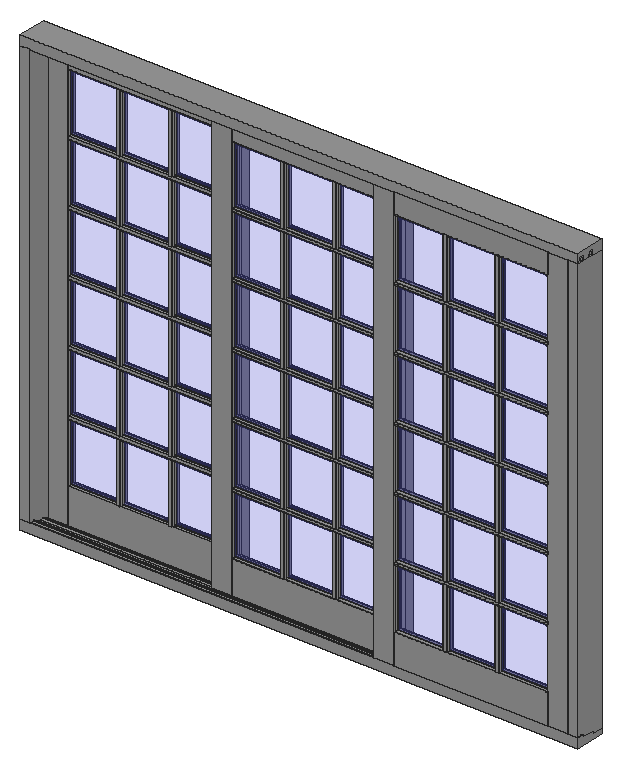
Revit family "VSD2.6SPTS LH", category Doors, host Wall, Revit 2015 (continued)
Forms (mm)
  Sweep 73, solid, material "Lauan, Meranti"
    path origin (396.395, -120, -1078.763) x (-1, 0, 0) y (0, 0, -1)
      loop
        line (279.395, -2740.763) -> (513.395, -2740.763) -> (513.395, -2456.763) -> (279.395, -2456.763) -> (279.395, -2740.763)
    profile origin (0, -120, 1662) x (0, 0, -1) y (0, -1, 0)
      loop
        line (9, -124.5) -> (0, -124.5) -> (0, -132.5)
        arc (0, -132.5) -> (4.67, -130.866) -> (7, -126.5) r 6.807
        line (7, -126.5) -> (9, -126.5) -> (9, -124.5)
  Sweep 74, solid, material "Lauan, Meranti"
    path origin (643.395, -120, -1078.763) x (-1, 0, 0) y (0, 0, -1)
      loop
        line (279.395, -2740.763) -> (513.395, -2740.763) -> (513.395, -2456.763) -> (279.395, -2456.763) -> (279.395, -2740.763)
    profile origin (247, -120, 1662) x (0, 0, -1) y (0, -1, 0)
      loop
        line (9, -124.5) -> (0, -124.5) -> (0, -132.5)
        arc (0, -132.5) -> (4.67, -130.866) -> (7, -126.5) r 6.807
        line (7, -126.5) -> (9, -126.5) -> (9, -124.5)
  Sweep 75, solid, material "Lauan, Meranti"
    path origin (149.395, -120, -1375.763) x (-1, 0, 0) y (0, 0, -1)
      loop
        line (279.395, -2740.763) -> (513.395, -2740.763) -> (513.395, -2456.763) -> (279.395, -2456.763) -> (279.395, -2740.763)
    profile origin (-247, -120, 1365) x (0, 0, -1) y (0, -1, 0)
      loop
        line (9, -124.5) -> (0, -124.5) -> (0, -132.5)
        arc (0, -132.5) -> (4.67, -130.866) -> (7, -126.5) r 6.807
        line (7, -126.5) -> (9, -126.5) -> (9, -124.5)
  Extrusion 76, solid, material "Lauan, Meranti"
    sketch origin (405, -45, -594) x (-1, 0, 0) y (0, -1, 0)
      loop
        line (522, -31) -> (522, -33)
        arc (522, -33) -> (517.33, -34.634) -> (515, -39) r 6.807
        line (515, -39) -> (513, -39) -> (513, -41) -> (522, -41) -> (522, -71) -> (535, -71) -> (535, -41) -> (544, -41) -> (544, -39) -> (542, -39)
        arc (542, -39) -> (539.67, -34.634) -> (535, -33) r 6.807
        line (535, -33) -> (535, -31) -> (522, -31)
      loop
        line (275, -31) -> (275, -33)
        arc (275, -33) -> (270.33, -34.634) -> (268, -39) r 6.807
        line (268, -39) -> (266, -39) -> (266, -41) -> (275, -41) -> (275, -71) -> (288, -71) -> (288, -41) -> (297, -41) -> (297, -39) -> (295, -39)
        arc (295, -39) -> (292.67, -34.634) -> (288, -33) r 6.807
        line (288, -33) -> (288, -31) -> (275, -31)
    from 1675 to 1959
  Sweep 77, solid, material "Lauan, Meranti"
    path origin (396.395, -120, -1375.763) x (-1, 0, 0) y (0, 0, -1)
      loop
        line (279.395, -2740.763) -> (513.395, -2740.763) -> (513.395, -2456.763) -> (279.395, -2456.763) -> (279.395, -2740.763)
    profile origin (0, -120, 1365) x (0, 0, -1) y (0, -1, 0)
      loop
        line (9, -124.5) -> (0, -124.5) -> (0, -132.5)
        arc (0, -132.5) -> (4.67, -130.866) -> (7, -126.5) r 6.807
        line (7, -126.5) -> (9, -126.5) -> (9, -124.5)
  Sweep 78, solid, material "Lauan, Meranti"
    path origin (643.395, -120, -1375.763) x (-1, 0, 0) y (0, 0, -1)
      loop
        line (279.395, -2740.763) -> (513.395, -2740.763) -> (513.395, -2456.763) -> (279.395, -2456.763) -> (279.395, -2740.763)
    profile origin (247, -120, 1365) x (0, 0, -1) y (0, -1, 0)
      loop
        line (9, -124.5) -> (0, -124.5) -> (0, -132.5)
        arc (0, -132.5) -> (4.67, -130.866) -> (7, -126.5) r 6.807
        line (7, -126.5) -> (9, -126.5) -> (9, -124.5)
  Sweep 79, solid, material "Lauan, Meranti"
    path origin (149.395, -120, -1672.763) x (-1, 0, 0) y (0, 0, -1)
      loop
        line (279.395, -2740.763) -> (513.395, -2740.763) -> (513.395, -2456.763) -> (279.395, -2456.763) -> (279.395, -2740.763)
    profile origin (-247, -120, 1068) x (0, 0, -1) y (0, -1, 0)
      loop
        line (9, -124.5) -> (0, -124.5) -> (0, -132.5)
        arc (0, -132.5) -> (4.67, -130.866) -> (7, -126.5) r 6.807
        line (7, -126.5) -> (9, -126.5) -> (9, -124.5)
  Extrusion 80, solid, material "Lauan, Meranti"
    sketch origin (405, -45, -891) x (-1, 0, 0) y (0, -1, 0)
      loop
        line (522, -31) -> (522, -33)
        arc (522, -33) -> (517.33, -34.634) -> (515, -39) r 6.807
        line (515, -39) -> (513, -39) -> (513, -41) -> (522, -41) -> (522, -71) -> (535, -71) -> (535, -41) -> (544, -41) -> (544, -39) -> (542, -39)
        arc (542, -39) -> (539.67, -34.634) -> (535, -33) r 6.807
        line (535, -33) -> (535, -31) -> (522, -31)
      loop
        line (275, -31) -> (275, -33)
        arc (275, -33) -> (270.33, -34.634) -> (268, -39) r 6.807
        line (268, -39) -> (266, -39) -> (266, -41) -> (275, -41) -> (275, -71) -> (288, -71) -> (288, -41) -> (297, -41) -> (297, -39) -> (295, -39)
        arc (295, -39) -> (292.67, -34.634) -> (288, -33) r 6.807
        line (288, -33) -> (288, -31) -> (275, -31)
    from 1675 to 1959
  Sweep 81, solid, material "Lauan, Meranti"
    path origin (396.395, -120, -1672.763) x (-1, 0, 0) y (0, 0, -1)
      loop
        line (279.395, -2740.763) -> (513.395, -2740.763) -> (513.395, -2456.763) -> (279.395, -2456.763) -> (279.395, -2740.763)
    profile origin (0, -120, 1068) x (0, 0, -1) y (0, -1, 0)
      loop
        line (9, -124.5) -> (0, -124.5) -> (0, -132.5)
        arc (0, -132.5) -> (4.67, -130.866) -> (7, -126.5) r 6.807
        line (7, -126.5) -> (9, -126.5) -> (9, -124.5)
  Sweep 82, solid, material "Lauan, Meranti"
    path origin (643.395, -120, -1672.763) x (-1, 0, 0) y (0, 0, -1)
      loop
        line (279.395, -2740.763) -> (513.395, -2740.763) -> (513.395, -2456.763) -> (279.395, -2456.763) -> (279.395, -2740.763)
    profile origin (247, -120, 1068) x (0, 0, -1) y (0, -1, 0)
      loop
        line (9, -124.5) -> (0, -124.5) -> (0, -132.5)
        arc (0, -132.5) -> (4.67, -130.866) -> (7, -126.5) r 6.807
        line (7, -126.5) -> (9, -126.5) -> (9, -124.5)
  Sweep 83, solid, material "Lauan, Meranti"
    path origin (149.395, -120, -1969.763) x (-1, 0, 0) y (0, 0, -1)
      loop
        line (279.395, -2740.763) -> (513.395, -2740.763) -> (513.395, -2456.763) -> (279.395, -2456.763) -> (279.395, -2740.763)
    profile origin (-247, -120, 771) x (0, 0, -1) y (0, -1, 0)
      loop
        line (9, -124.5) -> (0, -124.5) -> (0, -132.5)
        arc (0, -132.5) -> (4.67, -130.866) -> (7, -126.5) r 6.807
        line (7, -126.5) -> (9, -126.5) -> (9, -124.5)
  Extrusion 84, solid, material "Lauan, Meranti"
    sketch origin (405, -45, -1188) x (-1, 0, 0) y (0, -1, 0)
      loop
        line (522, -31) -> (522, -33)
        arc (522, -33) -> (517.33, -34.634) -> (515, -39) r 6.807
        line (515, -39) -> (513, -39) -> (513, -41) -> (522, -41) -> (522, -71) -> (535, -71) -> (535, -41) -> (544, -41) -> (544, -39) -> (542, -39)
        arc (542, -39) -> (539.67, -34.634) -> (535, -33) r 6.807
        line (535, -33) -> (535, -31) -> (522, -31)
      loop
        line (275, -31) -> (275, -33)
        arc (275, -33) -> (270.33, -34.634) -> (268, -39) r 6.807
        line (268, -39) -> (266, -39) -> (266, -41) -> (275, -41) -> (275, -71) -> (288, -71) -> (288, -41) -> (297, -41) -> (297, -39) -> (295, -39)
        arc (295, -39) -> (292.67, -34.634) -> (288, -33) r 6.807
        line (288, -33) -> (288, -31) -> (275, -31)
    from 1675 to 1959
  Sweep 85, solid, material "Lauan, Meranti"
    path origin (396.395, -120, -1969.763) x (-1, 0, 0) y (0, 0, -1)
      loop
        line (279.395, -2740.763) -> (513.395, -2740.763) -> (513.395, -2456.763) -> (279.395, -2456.763) -> (279.395, -2740.763)
    profile origin (0, -120, 771) x (0, 0, -1) y (0, -1, 0)
      loop
        line (9, -124.5) -> (0, -124.5) -> (0, -132.5)
        arc (0, -132.5) -> (4.67, -130.866) -> (7, -126.5) r 6.807
        line (7, -126.5) -> (9, -126.5) -> (9, -124.5)
  Sweep 86, solid, material "Lauan, Meranti"
    path origin (643.395, -120, -1969.763) x (-1, 0, 0) y (0, 0, -1)
      loop
        line (279.395, -2740.763) -> (513.395, -2740.763) -> (513.395, -2456.763) -> (279.395, -2456.763) -> (279.395, -2740.763)
    profile origin (247, -120, 771) x (0, 0, -1) y (0, -1, 0)
      loop
        line (9, -124.5) -> (0, -124.5) -> (0, -132.5)
        arc (0, -132.5) -> (4.67, -130.866) -> (7, -126.5) r 6.807
        line (7, -126.5) -> (9, -126.5) -> (9, -124.5)
  Sweep 87, solid, material "Lauan, Meranti"
    path origin (149.395, -120, -2266.763) x (-1, 0, 0) y (0, 0, -1)
      loop
        line (279.395, -2740.763) -> (513.395, -2740.763) -> (513.395, -2456.763) -> (279.395, -2456.763) -> (279.395, -2740.763)
    profile origin (-247, -120, 474) x (0, 0, -1) y (0, -1, 0)
      loop
        line (9, -124.5) -> (0, -124.5) -> (0, -132.5)
        arc (0, -132.5) -> (4.67, -130.866) -> (7, -126.5) r 6.807
        line (7, -126.5) -> (9, -126.5) -> (9, -124.5)
  Extrusion 88, solid, material "Lauan, Meranti"
    sketch origin (405, -45, -1485) x (-1, 0, 0) y (0, -1, 0)
      loop
        line (522, -31) -> (522, -33)
        arc (522, -33) -> (517.33, -34.634) -> (515, -39) r 6.807
        line (515, -39) -> (513, -39) -> (513, -41) -> (522, -41) -> (522, -71) -> (535, -71) -> (535, -41) -> (544, -41) -> (544, -39) -> (542, -39)
        arc (542, -39) -> (539.67, -34.634) -> (535, -33) r 6.807
        line (535, -33) -> (535, -31) -> (522, -31)
      loop
        line (275, -31) -> (275, -33)
        arc (275, -33) -> (270.33, -34.634) -> (268, -39) r 6.807
        line (268, -39) -> (266, -39) -> (266, -41) -> (275, -41) -> (275, -71) -> (288, -71) -> (288, -41) -> (297, -41) -> (297, -39) -> (295, -39)
        arc (295, -39) -> (292.67, -34.634) -> (288, -33) r 6.807
        line (288, -33) -> (288, -31) -> (275, -31)
    from 1675 to 1959
  Sweep 89, solid, material "Lauan, Meranti"
    path origin (396.395, -120, -2266.763) x (-1, 0, 0) y (0, 0, -1)
      loop
        line (279.395, -2740.763) -> (513.395, -2740.763) -> (513.395, -2456.763) -> (279.395, -2456.763) -> (279.395, -2740.763)
    profile origin (0, -120, 474) x (0, 0, -1) y (0, -1, 0)
      loop
        line (9, -124.5) -> (0, -124.5) -> (0, -132.5)
        arc (0, -132.5) -> (4.67, -130.866) -> (7, -126.5) r 6.807
        line (7, -126.5) -> (9, -126.5) -> (9, -124.5)
  Sweep 90, solid, material "Lauan, Meranti"
    path origin (643.395, -120, -2266.763) x (-1, 0, 0) y (0, 0, -1)
      loop
        line (279.395, -2740.763) -> (513.395, -2740.763) -> (513.395, -2456.763) -> (279.395, -2456.763) -> (279.395, -2740.763)
    profile origin (247, -120, 474) x (0, 0, -1) y (0, -1, 0)
      loop
        line (9, -124.5) -> (0, -124.5) -> (0, -132.5)
        arc (0, -132.5) -> (4.67, -130.866) -> (7, -126.5) r 6.807
        line (7, -126.5) -> (9, -126.5) -> (9, -124.5)
Cuts and joins
  joined: Extrusion 3, Extrusion 4, Extrusion 6
Lines and regions (mm)
  Opening 1
    outline origin (-5000, 75, 0) x (-1, 0, 0) y (0, 0, 1)
      loop
        line (-6320, 0) -> (-3680, 0) -> (-3680, 2100) -> (-6320, 2100) -> (-6320, 0)
  model lines
    curve 1: line (255.153, 99.5, 925) -> (-85.77, 99.5, 925)
    curve 2: line (-224.847, 99.5, 925) -> (-85.77, 99.5, 981.191)
    curve 3: line (-85.77, 99.5, 981.191) -> (-85.77, 99.5, 868.809)
    curve 4: line (-224.847, 99.5, 925) -> (-85.77, 99.5, 868.809)
    curve 5: line (1070.153, 99.5, 925) -> (729.23, 99.5, 925)
    curve 6: line (590.153, 99.5, 925) -> (729.23, 99.5, 981.191)
    curve 7: line (729.23, 99.5, 981.191) -> (729.23, 99.5, 868.809)
    curve 8: line (590.153, 99.5, 925) -> (729.23, 99.5, 868.809)
Text (mm)
  text "Exterior" at (-2295.016, 1099.543, 0), in view "Ref. Level"
  text "Exterior" at (0, 1615.38, 3698.081), in view "Left"
  text "Exterior" at (0, 1036.032, 3874.932), in view "Right"
Dimensions and locks
  equal spacing: plane 3 "Left", plane 2 "Center (Left/Right)", plane 4 "Right"
  "Width": plane 3 "Left" to plane 4 "Right"
  "Height": plane 5 to host wall
  host wall to plane 5 = 2100 mm  (x2)
  locked: plane 6 "Exterior" to host wall at 0
  locked: plane 7 "Interior" to host wall
  plane 3 "Left" to plane 4 "Right" = 2640 mm
  aligned and locked: plane 1 to host wall
  aligned and locked: Opening 1 sketch curve to level
  aligned and locked: Sweep 14 sketch curve to Extrusion 13
  aligned and locked: Extrusion 13 to Extrusion 16  (x2)
  aligned and locked: Extrusion 9 to Extrusion 13
  aligned and locked: Sweep 40 sketch curve to Extrusion 39
  aligned and locked: Extrusion 39 to Extrusion 42  (x2)
  aligned and locked: Extrusion 8 to Extrusion 39
  aligned and locked: Sweep 66 sketch curve to Extrusion 65
  aligned and locked: Extrusion 65 to Extrusion 68  (x2)
  aligned and locked: Extrusion 10 to Extrusion 65
Automatic sketch dimensions
  curve 2 to plane 2 "Center (Left/Right)" = 224.847 mm
  curve 2 to plane 2 "Center (Left/Right)" = 85.77 mm
  plane 2 "Center (Left/Right)" to curve 6 = 590.153 mm
  curve 6 to curve 6 = 139.078 mm
  level to curve 4 = 868.809 mm
  curve 7 to curve 4 = 0 mm
  curve 7 to curve 8 = 56.191 mm
  curve 3 to curve 4 = 56.191 mm
  curve 3 to curve 3 = 112.382 mm
  curve 7 to curve 7 = 112.382 mm
  plane 2 "Center (Left/Right)" to curve 1 = 255.153 mm
  plane 4 "Right" to curve 5 = 249.847 mm
  curve 1 to curve 2 = 56.191 mm
  curve 7 to curve 5 = 56.191 mm
  plane 4 "Right" to Opening 1 sketch curve = 0 mm
  plane 3 "Left" to Opening 1 sketch curve = 0 mm
  Opening 1 sketch curve to plane 5 = 0 mm
  Extrusion 1 sketch curve to level = 0 mm
  Extrusion 1 sketch curve to host wall = 5 mm  (x2)
  Extrusion 1 sketch curve to Extrusion 1 sketch curve = 8 mm
  Extrusion 1 sketch curve to Extrusion 1 sketch curve = 24 mm
  host wall to Extrusion 1 sketch curve = 6 mm
  Extrusion 1 sketch curve to host wall = 18 mm
  level to Extrusion 1 sketch curve = 21 mm
  Extrusion 1 sketch curve to Extrusion 1 sketch curve = 11 mm  (x2)
  Extrusion 1 sketch curve to Extrusion 1 sketch curve = 1 mm  (x2)
  plane 5 to Extrusion 2 sketch curve = 0 mm
  Extrusion 2 sketch curve to host wall = 5 mm  (x2)
  Extrusion 2 sketch curve to Extrusion 2 sketch curve = 9 mm
  Extrusion 2 sketch curve to Extrusion 2 sketch curve = 22 mm
  host wall to Extrusion 2 sketch curve = 5 mm
  Extrusion 2 sketch curve to host wall = 17 mm
  plane 5 to Extrusion 2 sketch curve = 25 mm  (x2)
  Extrusion 2 sketch curve to Extrusion 2 sketch curve = 20 mm  (x3)
  Extrusion 3 sketch curve to plane 4 "Right" = 0 mm
  Extrusion 3 sketch curve to plane 3 "Left" = 0 mm
  Extrusion 3 sketch curve to plane 4 "Right" = 43 mm
  host wall to Extrusion 3 sketch curve = 5 mm  (x4)
  Extrusion 3 sketch curve to Extrusion 3 sketch curve = 45 mm
  plane 3 "Left" to Extrusion 3 sketch curve = 45 mm
  Extrusion 3 sketch curve to Extrusion 3 sketch curve = 2 mm
  host wall to Extrusion 3 sketch curve = 25 mm  (x2)
  Extrusion 4 sketch curve to plane 4 "Right" = 0 mm
  Extrusion 4 sketch curve to plane 3 "Left" = 0 mm
  Extrusion 4 sketch curve to plane 4 "Right" = 43 mm
  Extrusion 4 sketch curve to Extrusion 4 sketch curve = 2 mm  (x2)
  plane 3 "Left" to Extrusion 4 sketch curve = 45 mm
  host wall to Extrusion 4 sketch curve = 5 mm  (x2)
  host wall to Extrusion 4 sketch curve = 25 mm
  Extrusion 4 sketch curve to Extrusion 4 sketch curve = 20 mm
  host wall to Extrusion 4 sketch curve = 37 mm  (x2)
  Extrusion 5 sketch curve to host wall = 13 mm
  Extrusion 5 sketch curve to Extrusion 5 sketch curve = 11 mm  (x2)
  Extrusion 5 sketch curve to Extrusion 5 sketch curve = 1 mm  (x3)
  level to Extrusion 5 sketch curve = 48 mm
  Extrusion 5 sketch curve to Extrusion 5 sketch curve = 1.118 mm
  Extrusion 5 sketch curve to Extrusion 5 sketch curve = 1.882 mm  (x2)
  Extrusion 6 sketch curve to plane 4 "Right" = 0 mm
  Extrusion 6 sketch curve to plane 3 "Left" = 0 mm
  host wall to Extrusion 6 sketch curve = 5 mm  (x2)
  Extrusion 6 sketch curve to Extrusion 6 sketch curve = 43 mm
  Extrusion 6 sketch curve to Extrusion 6 sketch curve = 2 mm  (x2)
  host wall to Extrusion 6 sketch curve = 18 mm  (x2)
  plane 3 "Left" to Extrusion 6 sketch curve = 45 mm
  Extrusion 6 sketch curve to Extrusion 6 sketch curve = 20 mm
  host wall to Extrusion 6 sketch curve = 25 mm
  host wall to Extrusion 7 sketch curve = 6 mm
  Extrusion 7 sketch curve to host wall = 5 mm
  Extrusion 7 sketch curve to Extrusion 7 sketch curve = 1 mm  (x3)
  Extrusion 7 sketch curve to Extrusion 7 sketch curve = 11 mm
  level to Extrusion 7 sketch curve = 36 mm
  Extrusion 7 sketch curve to Extrusion 7 sketch curve = 1.118 mm
  Extrusion 7 sketch curve to Extrusion 7 sketch curve = 1.882 mm  (x2)
  Extrusion 8 sketch curve to plane 8 = 0 mm
  Extrusion 8 sketch curve to plane 9 = 0 mm
  Extrusion 8 sketch curve to plane 12 = 0 mm
  Extrusion 8 sketch curve to plane 13 = 0 mm
  Extrusion 8 sketch curve to plane 9 = 9 mm  (x2)
  Extrusion 8 sketch curve to Extrusion 8 sketch curve = 0.473 mm  (x3)
  Extrusion 8 sketch curve to Extrusion 8 sketch curve = 2 mm  (x5)
  Extrusion 8 sketch curve to Extrusion 8 sketch curve = 6.527 mm
  host wall to Extrusion 8 sketch curve = 5 mm  (x2)
  Extrusion 8 sketch curve to Extrusion 8 sketch curve = 6 mm  (x2)
  Extrusion 8 sketch curve to Extrusion 8 sketch curve = 1.468 mm
  Extrusion 8 sketch curve to host wall = 30 mm  (x2)
  Extrusion 9 sketch curve to plane 16 = 0 mm
  Extrusion 9 sketch curve to plane 17 = 0 mm
  Extrusion 9 sketch curve to plane 20 = 0 mm
  Extrusion 9 sketch curve to plane 21 = 0 mm
  plane 17 to Extrusion 9 sketch curve = 9 mm  (x2)
  Extrusion 9 sketch curve to host wall = 1 mm  (x2)
  Extrusion 9 sketch curve to Extrusion 9 sketch curve = 0.473 mm  (x3)
  Extrusion 9 sketch curve to Extrusion 9 sketch curve = 2 mm  (x4)
  Extrusion 9 sketch curve to Extrusion 9 sketch curve = 6.527 mm
  Extrusion 9 sketch curve to host wall = 31 mm
  Extrusion 9 sketch curve to Extrusion 9 sketch curve = 30 mm
  Extrusion 9 sketch curve to Extrusion 9 sketch curve = 1.468 mm  (x2)
  Extrusion 9 sketch curve to host wall = 34 mm  (x2)
  Extrusion 10 sketch curve to plane 24 = 0 mm
  Extrusion 10 sketch curve to plane 25 = 0 mm
  Extrusion 10 sketch curve to plane 28 = 0 mm
  Extrusion 10 sketch curve to plane 29 = 0 mm
  plane 25 to Extrusion 10 sketch curve = 9 mm  (x2)
  Extrusion 10 sketch curve to Extrusion 10 sketch curve = 0.473 mm  (x3)
  Extrusion 10 sketch curve to Extrusion 10 sketch curve = 2 mm  (x4)
  host wall to Extrusion 10 sketch curve = 5.468 mm  (x2)
  Extrusion 10 sketch curve to Extrusion 10 sketch curve = 6.527 mm
  host wall to Extrusion 10 sketch curve = 4 mm
  Extrusion 10 sketch curve to Extrusion 10 sketch curve = 1.468 mm
  Extrusion 10 sketch curve to host wall = 26 mm  (x2)
  host wall to Extrusion 10 sketch curve = 14 mm  (x2)
  host wall to Extrusion 11 sketch curve = 4.5 mm
  host wall to Extrusion 11 sketch curve = 2.3 mm
  Extrusion 11 sketch curve to host wall = 14.3 mm
  Extrusion 11 sketch curve to Extrusion 11 sketch curve = 2.2 mm  (x2)
  plane 5 to Extrusion 11 sketch curve = 25 mm
  Extrusion 11 sketch curve to Extrusion 11 sketch curve = 17.8 mm  (x2)
  Extrusion 12 sketch curve to host wall = 14.5 mm
  Extrusion 12 sketch curve to Extrusion 12 sketch curve = 2.2 mm  (x3)
  Extrusion 12 sketch curve to Extrusion 12 sketch curve = 16.6 mm
  plane 5 to Extrusion 12 sketch curve = 25 mm
  Extrusion 12 sketch curve to Extrusion 12 sketch curve = 17.8 mm  (x2)
  Extrusion 13 sketch curve to host wall = 34 mm  (x7)
  Extrusion 13 sketch curve to Extrusion 13 sketch curve = 2 mm  (x28)
  Extrusion 13 sketch curve to Extrusion 13 sketch curve = 6 mm  (x12)
  Extrusion 13 sketch curve to Extrusion 13 sketch curve = 0.803 mm  (x9)
  Extrusion 13 sketch curve to Extrusion 13 sketch curve = 6.803 mm  (x3)
  Extrusion 13 sketch curve to Extrusion 13 sketch curve = 1.197 mm  (x8)
  Extrusion 13 sketch curve to host wall = 1 mm  (x7)
  plane 5 to Extrusion 13 sketch curve = 45 mm
  Extrusion 13 sketch curve to Extrusion 13 sketch curve = 96 mm
  Extrusion 13 sketch curve to Extrusion 13 sketch curve = 0 mm  (x6)
  Extrusion 13 sketch curve to Extrusion 13 sketch curve = 0.241 mm  (x12)
  Extrusion 13 sketch curve to Extrusion 13 sketch curve = 266 mm  (x5)
  Extrusion 13 sketch curve to Extrusion 13 sketch curve = 6.759 mm  (x6)
  Extrusion 13 sketch curve to Extrusion 13 sketch curve = 13 mm  (x5)
  level to Extrusion 13 sketch curve = 199 mm
  level to Extrusion 13 sketch curve = 21 mm
  Sweep 14 sketch curve to plane 3 "Left" = 375 mm
  Sweep 14 sketch curve to plane 3 "Left" = 141 mm
  Sweep 14 sketch curve to Sweep 14 sketch curve = 284 mm
  Sweep 14 sketch curve to profile plane = 0 mm
  Sweep 14 sketch curve to profile plane = 0.241 mm
  Sweep 14 sketch curve to Sweep 14 sketch curve = 6.759 mm
  Sweep 14 sketch curve to Sweep 14 sketch curve = 2 mm  (x2)
  Sweep 14 sketch curve to profile plane = 132.5 mm
  Sweep 14 sketch curve to Sweep 14 sketch curve = 6 mm
  Extrusion 15 sketch curve to plane 2 "Center (Left/Right)" = 451 mm  (x2)
  Extrusion 15 sketch curve to Extrusion 15 sketch curve = 0 mm  (x23)
  Extrusion 15 sketch curve to Extrusion 15 sketch curve = 0.01 mm  (x6)
  Extrusion 15 sketch curve to Extrusion 15 sketch curve = 233.99 mm  (x4)
  Extrusion 15 sketch curve to Extrusion 15 sketch curve = 234 mm  (x3)
  Extrusion 15 sketch curve to Extrusion 15 sketch curve = 13 mm  (x15)
  Extrusion 15 sketch curve to Extrusion 15 sketch curve = 13.01 mm  (x3)
  Extrusion 15 sketch curve to plane 3 "Left" = 141 mm  (x4)
  plane 5 to Extrusion 15 sketch curve = 141 mm  (x2)
  Extrusion 15 sketch curve to Extrusion 15 sketch curve = 284 mm  (x3)
  Extrusion 15 sketch curve to Extrusion 15 sketch curve = 283.988 mm  (x2)
  Extrusion 15 sketch curve to Extrusion 15 sketch curve = 13.012 mm  (x4)
  level to Extrusion 15 sketch curve = 190.012 mm
  Extrusion 16 sketch curve to host wall = 33 mm  (x2)
  Extrusion 16 sketch curve to plane 3 "Left" = 644 mm
  Extrusion 16 sketch curve to Extrusion 16 sketch curve = 2 mm  (x10)
  Extrusion 16 sketch curve to Extrusion 16 sketch curve = 6.759 mm  (x4)
  Extrusion 16 sketch curve to Extrusion 16 sketch curve = 0.241 mm  (x6)
  Extrusion 16 sketch curve to host wall = 1 mm  (x2)
  Extrusion 16 sketch curve to Extrusion 16 sketch curve = 13 mm  (x2)
  Extrusion 16 sketch curve to Extrusion 16 sketch curve = 0 mm  (x4)
  Extrusion 16 sketch curve to Extrusion 16 sketch curve = 216 mm
  Extrusion 16 sketch curve to Extrusion 16 sketch curve = 1.197 mm  (x4)
  Sweep 17 sketch curve to plane 3 "Left" = 622 mm
  Sweep 17 sketch curve to Sweep 17 sketch curve = 234 mm
  plane 5 to Sweep 17 sketch curve = 141 mm
  Sweep 17 sketch curve to Sweep 17 sketch curve = 284 mm
  Sweep 17 sketch curve to profile plane = 0 mm
  Sweep 17 sketch curve to profile plane = 0.241 mm
  Sweep 17 sketch curve to Sweep 17 sketch curve = 6.759 mm
  Sweep 17 sketch curve to Sweep 17 sketch curve = 2 mm  (x2)
  Sweep 17 sketch curve to profile plane = 132.5 mm
  Sweep 17 sketch curve to Sweep 17 sketch curve = 6 mm
  Sweep 18 sketch curve to plane 2 "Center (Left/Right)" = 451 mm
  Sweep 18 sketch curve to Sweep 18 sketch curve = 234 mm
  plane 5 to Sweep 18 sketch curve = 141 mm
  Sweep 18 sketch curve to Sweep 18 sketch curve = 284 mm
  Sweep 18 sketch curve to profile plane = 0 mm
  Sweep 18 sketch curve to profile plane = 0.241 mm
  Sweep 18 sketch curve to Sweep 18 sketch curve = 6.759 mm
  Sweep 18 sketch curve to Sweep 18 sketch curve = 2 mm  (x2)
  Sweep 18 sketch curve to profile plane = 132.5 mm
  Sweep 18 sketch curve to Sweep 18 sketch curve = 6 mm
  Sweep 19 sketch curve to plane 3 "Left" = 375 mm
  Sweep 19 sketch curve to plane 3 "Left" = 141 mm
  plane 5 to Sweep 19 sketch curve = 438 mm
  Sweep 19 sketch curve to Sweep 19 sketch curve = 284 mm
  Sweep 19 sketch curve to profile plane = 0 mm
  Sweep 19 sketch curve to profile plane = 0.241 mm
  Sweep 19 sketch curve to Sweep 19 sketch curve = 6.759 mm
  Sweep 19 sketch curve to Sweep 19 sketch curve = 2 mm  (x2)
  Sweep 19 sketch curve to profile plane = 132.5 mm
  Sweep 19 sketch curve to Sweep 19 sketch curve = 6 mm
  Extrusion 20 sketch curve to host wall = 33 mm  (x2)
  Extrusion 20 sketch curve to plane 3 "Left" = 644 mm
  Extrusion 20 sketch curve to Extrusion 20 sketch curve = 2 mm  (x10)
  Extrusion 20 sketch curve to Extrusion 20 sketch curve = 6.759 mm  (x4)
  Extrusion 20 sketch curve to Extrusion 20 sketch curve = 0.241 mm  (x6)
  Extrusion 20 sketch curve to host wall = 1 mm  (x2)
  Extrusion 20 sketch curve to Extrusion 20 sketch curve = 13 mm  (x2)
  Extrusion 20 sketch curve to Extrusion 20 sketch curve = 0 mm  (x4)
  Extrusion 20 sketch curve to Extrusion 20 sketch curve = 216 mm
  Extrusion 20 sketch curve to Extrusion 20 sketch curve = 1.197 mm  (x4)
  Sweep 21 sketch curve to plane 3 "Left" = 622 mm
  Sweep 21 sketch curve to Sweep 21 sketch curve = 234 mm
  plane 5 to Sweep 21 sketch curve = 438 mm
  Sweep 21 sketch curve to Sweep 21 sketch curve = 284 mm
  Sweep 21 sketch curve to profile plane = 0 mm
  Sweep 21 sketch curve to profile plane = 0.241 mm
  Sweep 21 sketch curve to Sweep 21 sketch curve = 6.759 mm
  Sweep 21 sketch curve to Sweep 21 sketch curve = 2 mm  (x2)
  Sweep 21 sketch curve to profile plane = 132.5 mm
  Sweep 21 sketch curve to Sweep 21 sketch curve = 6 mm
  Sweep 22 sketch curve to plane 2 "Center (Left/Right)" = 451 mm
  Sweep 22 sketch curve to Sweep 22 sketch curve = 234 mm
  plane 5 to Sweep 22 sketch curve = 438 mm
  Sweep 22 sketch curve to Sweep 22 sketch curve = 284 mm
  Sweep 22 sketch curve to profile plane = 0 mm
  Sweep 22 sketch curve to profile plane = 0.241 mm
  Sweep 22 sketch curve to Sweep 22 sketch curve = 6.759 mm
  Sweep 22 sketch curve to Sweep 22 sketch curve = 2 mm  (x2)
  Sweep 22 sketch curve to profile plane = 132.5 mm
  Sweep 22 sketch curve to Sweep 22 sketch curve = 6 mm
  Sweep 23 sketch curve to plane 3 "Left" = 375 mm
  Sweep 23 sketch curve to plane 3 "Left" = 141 mm
  plane 5 to Sweep 23 sketch curve = 735 mm
  Sweep 23 sketch curve to Sweep 23 sketch curve = 284 mm
  Sweep 23 sketch curve to profile plane = 0 mm
  Sweep 23 sketch curve to profile plane = 0.241 mm
  Sweep 23 sketch curve to Sweep 23 sketch curve = 6.759 mm
  Sweep 23 sketch curve to Sweep 23 sketch curve = 2 mm  (x2)
  Sweep 23 sketch curve to profile plane = 132.5 mm
  Sweep 23 sketch curve to Sweep 23 sketch curve = 6 mm
  Extrusion 24 sketch curve to host wall = 33 mm  (x2)
  Extrusion 24 sketch curve to plane 3 "Left" = 644 mm
  Extrusion 24 sketch curve to Extrusion 24 sketch curve = 2 mm  (x10)
  Extrusion 24 sketch curve to Extrusion 24 sketch curve = 6.759 mm  (x4)
  Extrusion 24 sketch curve to Extrusion 24 sketch curve = 0.241 mm  (x6)
  Extrusion 24 sketch curve to host wall = 1 mm  (x2)
  Extrusion 24 sketch curve to Extrusion 24 sketch curve = 13 mm  (x2)
  Extrusion 24 sketch curve to Extrusion 24 sketch curve = 0 mm  (x4)
  Extrusion 24 sketch curve to Extrusion 24 sketch curve = 216 mm
  Extrusion 24 sketch curve to Extrusion 24 sketch curve = 1.197 mm  (x4)
  Sweep 25 sketch curve to plane 3 "Left" = 622 mm
  Sweep 25 sketch curve to Sweep 25 sketch curve = 234 mm
  plane 5 to Sweep 25 sketch curve = 735 mm
  Sweep 25 sketch curve to Sweep 25 sketch curve = 284 mm
  Sweep 25 sketch curve to profile plane = 0 mm
  Sweep 25 sketch curve to profile plane = 0.241 mm
  Sweep 25 sketch curve to Sweep 25 sketch curve = 6.759 mm
  Sweep 25 sketch curve to Sweep 25 sketch curve = 2 mm  (x2)
  Sweep 25 sketch curve to profile plane = 132.5 mm
  Sweep 25 sketch curve to Sweep 25 sketch curve = 6 mm
  Sweep 26 sketch curve to plane 2 "Center (Left/Right)" = 451 mm
  Sweep 26 sketch curve to Sweep 26 sketch curve = 234 mm
  plane 5 to Sweep 26 sketch curve = 735 mm
  Sweep 26 sketch curve to Sweep 26 sketch curve = 284 mm
  Sweep 26 sketch curve to profile plane = 0 mm
  Sweep 26 sketch curve to profile plane = 0.241 mm
  Sweep 26 sketch curve to Sweep 26 sketch curve = 6.759 mm
  Sweep 26 sketch curve to Sweep 26 sketch curve = 2 mm  (x2)
  Sweep 26 sketch curve to profile plane = 132.5 mm
  Sweep 26 sketch curve to Sweep 26 sketch curve = 6 mm
  Sweep 27 sketch curve to plane 3 "Left" = 375 mm
  Sweep 27 sketch curve to plane 3 "Left" = 141 mm
  plane 5 to Sweep 27 sketch curve = 1032 mm
  Sweep 27 sketch curve to Sweep 27 sketch curve = 284 mm
  Sweep 27 sketch curve to profile plane = 0 mm
  Sweep 27 sketch curve to profile plane = 0.241 mm
  Sweep 27 sketch curve to Sweep 27 sketch curve = 6.759 mm
  Sweep 27 sketch curve to Sweep 27 sketch curve = 2 mm  (x2)
  Sweep 27 sketch curve to profile plane = 132.5 mm
  Sweep 27 sketch curve to Sweep 27 sketch curve = 6 mm
  Extrusion 28 sketch curve to host wall = 33 mm  (x2)
  Extrusion 28 sketch curve to plane 3 "Left" = 644 mm
  Extrusion 28 sketch curve to Extrusion 28 sketch curve = 2 mm  (x10)
  Extrusion 28 sketch curve to Extrusion 28 sketch curve = 6.759 mm  (x4)
  Extrusion 28 sketch curve to Extrusion 28 sketch curve = 0.241 mm  (x6)
  Extrusion 28 sketch curve to host wall = 1 mm  (x2)
  Extrusion 28 sketch curve to Extrusion 28 sketch curve = 13 mm  (x2)
  Extrusion 28 sketch curve to Extrusion 28 sketch curve = 0 mm  (x4)
  Extrusion 28 sketch curve to Extrusion 28 sketch curve = 216 mm
  Extrusion 28 sketch curve to Extrusion 28 sketch curve = 1.197 mm  (x4)
  Sweep 29 sketch curve to plane 3 "Left" = 622 mm
  Sweep 29 sketch curve to Sweep 29 sketch curve = 234 mm
  plane 5 to Sweep 29 sketch curve = 1032 mm
  Sweep 29 sketch curve to Sweep 29 sketch curve = 284 mm
  Sweep 29 sketch curve to profile plane = 0 mm
  Sweep 29 sketch curve to profile plane = 0.241 mm
  Sweep 29 sketch curve to Sweep 29 sketch curve = 6.759 mm
  Sweep 29 sketch curve to Sweep 29 sketch curve = 2 mm  (x2)
  Sweep 29 sketch curve to profile plane = 132.5 mm
  Sweep 29 sketch curve to Sweep 29 sketch curve = 6 mm
  Sweep 30 sketch curve to plane 2 "Center (Left/Right)" = 451 mm
  Sweep 30 sketch curve to Sweep 30 sketch curve = 234 mm
  plane 5 to Sweep 30 sketch curve = 1032 mm
  Sweep 30 sketch curve to Sweep 30 sketch curve = 284 mm
  Sweep 30 sketch curve to profile plane = 0 mm
  Sweep 30 sketch curve to profile plane = 0.241 mm
  Sweep 30 sketch curve to Sweep 30 sketch curve = 6.759 mm
  Sweep 30 sketch curve to Sweep 30 sketch curve = 2 mm  (x2)
  Sweep 30 sketch curve to profile plane = 132.5 mm
  Sweep 30 sketch curve to Sweep 30 sketch curve = 6 mm
  Sweep 31 sketch curve to plane 3 "Left" = 375 mm
  Sweep 31 sketch curve to plane 3 "Left" = 141 mm
  level to Sweep 31 sketch curve = 771 mm
  Sweep 31 sketch curve to Sweep 31 sketch curve = 284 mm
  Sweep 31 sketch curve to profile plane = 0 mm
  Sweep 31 sketch curve to profile plane = 0.241 mm
  Sweep 31 sketch curve to Sweep 31 sketch curve = 6.759 mm
  Sweep 31 sketch curve to Sweep 31 sketch curve = 2 mm  (x2)
  Sweep 31 sketch curve to profile plane = 132.5 mm
  Sweep 31 sketch curve to Sweep 31 sketch curve = 6 mm
  Extrusion 32 sketch curve to host wall = 33 mm  (x2)
  Extrusion 32 sketch curve to plane 3 "Left" = 644 mm
  Extrusion 32 sketch curve to Extrusion 32 sketch curve = 2 mm  (x10)
  Extrusion 32 sketch curve to Extrusion 32 sketch curve = 6.759 mm  (x4)
  Extrusion 32 sketch curve to Extrusion 32 sketch curve = 0.241 mm  (x6)
  Extrusion 32 sketch curve to host wall = 1 mm  (x2)
  Extrusion 32 sketch curve to Extrusion 32 sketch curve = 13 mm  (x2)
  Extrusion 32 sketch curve to Extrusion 32 sketch curve = 0 mm  (x4)
  Extrusion 32 sketch curve to Extrusion 32 sketch curve = 216 mm
  Extrusion 32 sketch curve to Extrusion 32 sketch curve = 1.197 mm  (x4)
  Sweep 33 sketch curve to plane 3 "Left" = 622 mm
  Sweep 33 sketch curve to Sweep 33 sketch curve = 234 mm
  level to Sweep 33 sketch curve = 771 mm
  Sweep 33 sketch curve to Sweep 33 sketch curve = 284 mm
  Sweep 33 sketch curve to profile plane = 0 mm
  Sweep 33 sketch curve to profile plane = 0.241 mm
  Sweep 33 sketch curve to Sweep 33 sketch curve = 6.759 mm
  Sweep 33 sketch curve to Sweep 33 sketch curve = 2 mm  (x2)
  Sweep 33 sketch curve to profile plane = 132.5 mm
  Sweep 33 sketch curve to Sweep 33 sketch curve = 6 mm
  Sweep 34 sketch curve to plane 2 "Center (Left/Right)" = 451 mm
  Sweep 34 sketch curve to Sweep 34 sketch curve = 234 mm
  level to Sweep 34 sketch curve = 771 mm
  Sweep 34 sketch curve to Sweep 34 sketch curve = 284 mm
  Sweep 34 sketch curve to profile plane = 0 mm
  Sweep 34 sketch curve to profile plane = 0.241 mm
  Sweep 34 sketch curve to Sweep 34 sketch curve = 6.759 mm
  Sweep 34 sketch curve to Sweep 34 sketch curve = 2 mm  (x2)
  Sweep 34 sketch curve to profile plane = 132.5 mm
  Sweep 34 sketch curve to Sweep 34 sketch curve = 6 mm
  Sweep 35 sketch curve to plane 3 "Left" = 375 mm
  Sweep 35 sketch curve to plane 3 "Left" = 141 mm
  level to Sweep 35 sketch curve = 474 mm
  level to Sweep 35 sketch curve = 190 mm
  Sweep 35 sketch curve to profile plane = 0 mm
  Sweep 35 sketch curve to profile plane = 0.241 mm
  Sweep 35 sketch curve to Sweep 35 sketch curve = 6.759 mm
  Sweep 35 sketch curve to Sweep 35 sketch curve = 2 mm  (x2)
  Sweep 35 sketch curve to profile plane = 132.5 mm
  Sweep 35 sketch curve to Sweep 35 sketch curve = 6 mm
  Extrusion 36 sketch curve to host wall = 33 mm  (x2)
  Extrusion 36 sketch curve to plane 3 "Left" = 644 mm
  Extrusion 36 sketch curve to Extrusion 36 sketch curve = 2 mm  (x10)
  Extrusion 36 sketch curve to Extrusion 36 sketch curve = 6.759 mm  (x4)
  Extrusion 36 sketch curve to Extrusion 36 sketch curve = 0.241 mm  (x6)
  Extrusion 36 sketch curve to host wall = 1 mm  (x2)
  Extrusion 36 sketch curve to Extrusion 36 sketch curve = 13 mm  (x2)
  Extrusion 36 sketch curve to Extrusion 36 sketch curve = 0 mm  (x4)
  Extrusion 36 sketch curve to Extrusion 36 sketch curve = 216 mm
  Extrusion 36 sketch curve to Extrusion 36 sketch curve = 1.197 mm  (x4)
  level to Sweep 37 sketch curve = 190 mm
  Sweep 37 sketch curve to plane 3 "Left" = 622 mm
  Sweep 37 sketch curve to Sweep 37 sketch curve = 234 mm
  Sweep 37 sketch curve to Sweep 37 sketch curve = 284 mm
  Sweep 37 sketch curve to profile plane = 0 mm
  Sweep 37 sketch curve to profile plane = 0.241 mm
  Sweep 37 sketch curve to Sweep 37 sketch curve = 6.759 mm
  Sweep 37 sketch curve to Sweep 37 sketch curve = 2 mm  (x2)
  Sweep 37 sketch curve to profile plane = 132.5 mm
  Sweep 37 sketch curve to Sweep 37 sketch curve = 6 mm
  level to Sweep 38 sketch curve = 190 mm
  Sweep 38 sketch curve to plane 2 "Center (Left/Right)" = 451 mm
  Sweep 38 sketch curve to Sweep 38 sketch curve = 234 mm
  Sweep 38 sketch curve to Sweep 38 sketch curve = 284 mm
  Sweep 38 sketch curve to profile plane = 0 mm
  Sweep 38 sketch curve to profile plane = 0.241 mm
  Sweep 38 sketch curve to Sweep 38 sketch curve = 6.759 mm
  Sweep 38 sketch curve to Sweep 38 sketch curve = 2 mm  (x2)
  Sweep 38 sketch curve to profile plane = 132.5 mm
  Sweep 38 sketch curve to Sweep 38 sketch curve = 6 mm
  Extrusion 39 sketch curve to host wall = 5 mm  (x7)
  Extrusion 39 sketch curve to Extrusion 39 sketch curve = 2 mm  (x28)
  Extrusion 39 sketch curve to Extrusion 39 sketch curve = 6 mm  (x12)
  Extrusion 39 sketch curve to Extrusion 39 sketch curve = 6.803 mm  (x7)
  Extrusion 39 sketch curve to Extrusion 39 sketch curve = 0.803 mm  (x5)
  Extrusion 39 sketch curve to Extrusion 39 sketch curve = 1.197 mm  (x8)
  Extrusion 39 sketch curve to Extrusion 39 sketch curve = 30 mm  (x5)
  host wall to Extrusion 39 sketch curve = 30 mm  (x2)
  plane 5 to Extrusion 39 sketch curve = 45 mm
  Extrusion 39 sketch curve to Extrusion 39 sketch curve = 96 mm
  Extrusion 39 sketch curve to Extrusion 39 sketch curve = 0 mm  (x6)
  Extrusion 39 sketch curve to Extrusion 39 sketch curve = 0.241 mm  (x12)
  Extrusion 39 sketch curve to Extrusion 39 sketch curve = 266 mm  (x5)
  Extrusion 39 sketch curve to Extrusion 39 sketch curve = 6.759 mm  (x6)
  Extrusion 39 sketch curve to Extrusion 39 sketch curve = 13 mm  (x5)
  level to Extrusion 39 sketch curve = 199 mm
  level to Extrusion 39 sketch curve = 45 mm
  plane 4 "Right" to Sweep 40 sketch curve = 635 mm
  Sweep 40 sketch curve to Sweep 40 sketch curve = 234 mm
  Sweep 40 sketch curve to Sweep 40 sketch curve = 284 mm
  Sweep 40 sketch curve to profile plane = 0 mm
  Sweep 40 sketch curve to profile plane = 0.241 mm
  Sweep 40 sketch curve to Sweep 40 sketch curve = 6.759 mm
  Sweep 40 sketch curve to Sweep 40 sketch curve = 2 mm  (x2)
  Sweep 40 sketch curve to profile plane = 132.5 mm
  Sweep 40 sketch curve to Sweep 40 sketch curve = 6 mm
  plane 4 "Right" to Extrusion 41 sketch curve = 141 mm  (x3)
  Extrusion 41 sketch curve to Extrusion 41 sketch curve = 0.01 mm  (x6)
  Extrusion 41 sketch curve to Extrusion 41 sketch curve = 233.99 mm  (x6)
  Extrusion 41 sketch curve to Extrusion 41 sketch curve = 0 mm  (x22)
  Extrusion 41 sketch curve to Extrusion 41 sketch curve = 234 mm  (x5)
  Extrusion 41 sketch curve to Extrusion 41 sketch curve = 13 mm  (x15)
  Extrusion 41 sketch curve to Extrusion 41 sketch curve = 13.01 mm  (x3)
  plane 5 to Extrusion 41 sketch curve = 141 mm  (x2)
  Extrusion 41 sketch curve to Extrusion 41 sketch curve = 284 mm  (x3)
  Extrusion 41 sketch curve to Extrusion 41 sketch curve = 283.988 mm  (x2)
  Extrusion 41 sketch curve to Extrusion 41 sketch curve = 13.012 mm  (x4)
  level to Extrusion 41 sketch curve = 190.012 mm
  Extrusion 42 sketch curve to host wall = 13 mm  (x3)
  plane 4 "Right" to Extrusion 42 sketch curve = 366 mm
  Extrusion 42 sketch curve to Extrusion 42 sketch curve = 2 mm  (x9)
  Extrusion 42 sketch curve to Extrusion 42 sketch curve = 6.759 mm  (x4)
  Extrusion 42 sketch curve to Extrusion 42 sketch curve = 0.241 mm  (x6)
  Extrusion 42 sketch curve to Extrusion 42 sketch curve = 13 mm  (x2)
  Extrusion 42 sketch curve to Extrusion 42 sketch curve = 0 mm  (x2)
  Extrusion 42 sketch curve to Extrusion 42 sketch curve = 216 mm
  Extrusion 42 sketch curve to host wall = 13.803 mm
  Extrusion 42 sketch curve to Extrusion 42 sketch curve = 0.803 mm  (x3)
  Extrusion 42 sketch curve to Extrusion 42 sketch curve = 1.197 mm  (x2)
  Extrusion 42 sketch curve to Extrusion 42 sketch curve = 30 mm  (x2)
  plane 4 "Right" to Sweep 43 sketch curve = 388 mm
  Sweep 43 sketch curve to Sweep 43 sketch curve = 234 mm
  plane 5 to Sweep 43 sketch curve = 141 mm
  Sweep 43 sketch curve to Sweep 43 sketch curve = 284 mm
  Sweep 43 sketch curve to profile plane = 0 mm
  Sweep 43 sketch curve to profile plane = 0.241 mm
  Sweep 43 sketch curve to Sweep 43 sketch curve = 6.759 mm
  Sweep 43 sketch curve to Sweep 43 sketch curve = 2 mm  (x2)
  Sweep 43 sketch curve to profile plane = 132.5 mm
  Sweep 43 sketch curve to Sweep 43 sketch curve = 6 mm
  plane 4 "Right" to Sweep 44 sketch curve = 141 mm
  Sweep 44 sketch curve to Sweep 44 sketch curve = 234 mm
  plane 5 to Sweep 44 sketch curve = 141 mm
  Sweep 44 sketch curve to Sweep 44 sketch curve = 284 mm
  Sweep 44 sketch curve to profile plane = 0 mm
  Sweep 44 sketch curve to profile plane = 0.241 mm
  Sweep 44 sketch curve to Sweep 44 sketch curve = 6.759 mm
  Sweep 44 sketch curve to Sweep 44 sketch curve = 2 mm  (x2)
  Sweep 44 sketch curve to profile plane = 132.5 mm
  Sweep 44 sketch curve to Sweep 44 sketch curve = 6 mm
  plane 4 "Right" to Sweep 45 sketch curve = 635 mm
  Sweep 45 sketch curve to Sweep 45 sketch curve = 234 mm
  plane 5 to Sweep 45 sketch curve = 438 mm
  Sweep 45 sketch curve to Sweep 45 sketch curve = 284 mm
  Sweep 45 sketch curve to profile plane = 0 mm
  Sweep 45 sketch curve to profile plane = 0.241 mm
  Sweep 45 sketch curve to Sweep 45 sketch curve = 6.759 mm
  Sweep 45 sketch curve to Sweep 45 sketch curve = 2 mm  (x2)
  Sweep 45 sketch curve to profile plane = 132.5 mm
  Sweep 45 sketch curve to Sweep 45 sketch curve = 6 mm
  Extrusion 46 sketch curve to host wall = 13 mm  (x3)
  plane 4 "Right" to Extrusion 46 sketch curve = 366 mm
  Extrusion 46 sketch curve to Extrusion 46 sketch curve = 2 mm  (x9)
  Extrusion 46 sketch curve to Extrusion 46 sketch curve = 6.759 mm  (x4)
  Extrusion 46 sketch curve to Extrusion 46 sketch curve = 0.241 mm  (x6)
  Extrusion 46 sketch curve to Extrusion 46 sketch curve = 13 mm  (x2)
  Extrusion 46 sketch curve to Extrusion 46 sketch curve = 0 mm  (x2)
  Extrusion 46 sketch curve to Extrusion 46 sketch curve = 216 mm
  Extrusion 46 sketch curve to host wall = 13.803 mm
  Extrusion 46 sketch curve to Extrusion 46 sketch curve = 0.803 mm  (x3)
  Extrusion 46 sketch curve to Extrusion 46 sketch curve = 1.197 mm  (x2)
  Extrusion 46 sketch curve to Extrusion 46 sketch curve = 30 mm  (x2)
  plane 4 "Right" to Sweep 47 sketch curve = 388 mm
  Sweep 47 sketch curve to Sweep 47 sketch curve = 234 mm
  plane 5 to Sweep 47 sketch curve = 438 mm
  Sweep 47 sketch curve to Sweep 47 sketch curve = 284 mm
  Sweep 47 sketch curve to profile plane = 0 mm
  Sweep 47 sketch curve to profile plane = 0.241 mm
  Sweep 47 sketch curve to Sweep 47 sketch curve = 6.759 mm
  Sweep 47 sketch curve to Sweep 47 sketch curve = 2 mm  (x2)
  Sweep 47 sketch curve to profile plane = 132.5 mm
  Sweep 47 sketch curve to Sweep 47 sketch curve = 6 mm
  plane 4 "Right" to Sweep 48 sketch curve = 141 mm
  Sweep 48 sketch curve to Sweep 48 sketch curve = 234 mm
  plane 5 to Sweep 48 sketch curve = 438 mm
  Sweep 48 sketch curve to Sweep 48 sketch curve = 284 mm
  Sweep 48 sketch curve to profile plane = 0 mm
  Sweep 48 sketch curve to profile plane = 0.241 mm
  Sweep 48 sketch curve to Sweep 48 sketch curve = 6.759 mm
  Sweep 48 sketch curve to Sweep 48 sketch curve = 2 mm  (x2)
  Sweep 48 sketch curve to profile plane = 132.5 mm
  Sweep 48 sketch curve to Sweep 48 sketch curve = 6 mm
  plane 4 "Right" to Sweep 49 sketch curve = 635 mm
  Sweep 49 sketch curve to Sweep 49 sketch curve = 234 mm
  plane 5 to Sweep 49 sketch curve = 735 mm
  Sweep 49 sketch curve to Sweep 49 sketch curve = 284 mm
  Sweep 49 sketch curve to profile plane = 0 mm
  Sweep 49 sketch curve to profile plane = 0.241 mm
  Sweep 49 sketch curve to Sweep 49 sketch curve = 6.759 mm
  Sweep 49 sketch curve to Sweep 49 sketch curve = 2 mm  (x2)
  Sweep 49 sketch curve to profile plane = 132.5 mm
  Sweep 49 sketch curve to Sweep 49 sketch curve = 6 mm
  Extrusion 50 sketch curve to host wall = 13 mm  (x3)
  plane 4 "Right" to Extrusion 50 sketch curve = 366 mm
  Extrusion 50 sketch curve to Extrusion 50 sketch curve = 2 mm  (x9)
  Extrusion 50 sketch curve to Extrusion 50 sketch curve = 6.759 mm  (x4)
  Extrusion 50 sketch curve to Extrusion 50 sketch curve = 0.241 mm  (x6)
  Extrusion 50 sketch curve to Extrusion 50 sketch curve = 13 mm  (x2)
  Extrusion 50 sketch curve to Extrusion 50 sketch curve = 0 mm  (x2)
  Extrusion 50 sketch curve to Extrusion 50 sketch curve = 216 mm
  Extrusion 50 sketch curve to host wall = 13.803 mm
  Extrusion 50 sketch curve to Extrusion 50 sketch curve = 0.803 mm  (x3)
  Extrusion 50 sketch curve to Extrusion 50 sketch curve = 1.197 mm  (x2)
  Extrusion 50 sketch curve to Extrusion 50 sketch curve = 30 mm  (x2)
  plane 4 "Right" to Sweep 51 sketch curve = 388 mm
  Sweep 51 sketch curve to Sweep 51 sketch curve = 234 mm
  plane 5 to Sweep 51 sketch curve = 735 mm
  Sweep 51 sketch curve to Sweep 51 sketch curve = 284 mm
  Sweep 51 sketch curve to profile plane = 0 mm
  Sweep 51 sketch curve to profile plane = 0.241 mm
  Sweep 51 sketch curve to Sweep 51 sketch curve = 6.759 mm
  Sweep 51 sketch curve to Sweep 51 sketch curve = 2 mm  (x2)
  Sweep 51 sketch curve to profile plane = 132.5 mm
  Sweep 51 sketch curve to Sweep 51 sketch curve = 6 mm
  plane 4 "Right" to Sweep 52 sketch curve = 141 mm
  Sweep 52 sketch curve to Sweep 52 sketch curve = 234 mm
  plane 5 to Sweep 52 sketch curve = 735 mm
  Sweep 52 sketch curve to Sweep 52 sketch curve = 284 mm
  Sweep 52 sketch curve to profile plane = 0 mm
  Sweep 52 sketch curve to profile plane = 0.241 mm
  Sweep 52 sketch curve to Sweep 52 sketch curve = 6.759 mm
  Sweep 52 sketch curve to Sweep 52 sketch curve = 2 mm  (x2)
  Sweep 52 sketch curve to profile plane = 132.5 mm
  Sweep 52 sketch curve to Sweep 52 sketch curve = 6 mm
  plane 4 "Right" to Sweep 53 sketch curve = 635 mm
  Sweep 53 sketch curve to Sweep 53 sketch curve = 234 mm
  plane 5 to Sweep 53 sketch curve = 1032 mm
  Sweep 53 sketch curve to Sweep 53 sketch curve = 284 mm
  Sweep 53 sketch curve to profile plane = 0 mm
  Sweep 53 sketch curve to profile plane = 0.241 mm
  Sweep 53 sketch curve to Sweep 53 sketch curve = 6.759 mm
  Sweep 53 sketch curve to Sweep 53 sketch curve = 2 mm  (x2)
  Sweep 53 sketch curve to profile plane = 132.5 mm
  Sweep 53 sketch curve to Sweep 53 sketch curve = 6 mm
  Extrusion 54 sketch curve to host wall = 13 mm  (x3)
  plane 4 "Right" to Extrusion 54 sketch curve = 366 mm
  Extrusion 54 sketch curve to Extrusion 54 sketch curve = 2 mm  (x9)
  Extrusion 54 sketch curve to Extrusion 54 sketch curve = 6.759 mm  (x4)
  Extrusion 54 sketch curve to Extrusion 54 sketch curve = 0.241 mm  (x6)
  Extrusion 54 sketch curve to Extrusion 54 sketch curve = 13 mm  (x2)
  Extrusion 54 sketch curve to Extrusion 54 sketch curve = 0 mm  (x2)
  Extrusion 54 sketch curve to Extrusion 54 sketch curve = 216 mm
  Extrusion 54 sketch curve to host wall = 13.803 mm
  Extrusion 54 sketch curve to Extrusion 54 sketch curve = 0.803 mm  (x3)
  Extrusion 54 sketch curve to Extrusion 54 sketch curve = 1.197 mm  (x2)
  Extrusion 54 sketch curve to Extrusion 54 sketch curve = 30 mm  (x2)
  plane 4 "Right" to Sweep 55 sketch curve = 388 mm
  Sweep 55 sketch curve to Sweep 55 sketch curve = 234 mm
  plane 5 to Sweep 55 sketch curve = 1032 mm
  Sweep 55 sketch curve to Sweep 55 sketch curve = 284 mm
  Sweep 55 sketch curve to profile plane = 0 mm
  Sweep 55 sketch curve to profile plane = 0.241 mm
  Sweep 55 sketch curve to Sweep 55 sketch curve = 6.759 mm
  Sweep 55 sketch curve to Sweep 55 sketch curve = 2 mm  (x2)
  Sweep 55 sketch curve to profile plane = 132.5 mm
  Sweep 55 sketch curve to Sweep 55 sketch curve = 6 mm
  plane 4 "Right" to Sweep 56 sketch curve = 141 mm
  Sweep 56 sketch curve to Sweep 56 sketch curve = 234 mm
  plane 5 to Sweep 56 sketch curve = 1032 mm
  Sweep 56 sketch curve to Sweep 56 sketch curve = 284 mm
  Sweep 56 sketch curve to profile plane = 0 mm
  Sweep 56 sketch curve to profile plane = 0.241 mm
  Sweep 56 sketch curve to Sweep 56 sketch curve = 6.759 mm
  Sweep 56 sketch curve to Sweep 56 sketch curve = 2 mm  (x2)
  Sweep 56 sketch curve to profile plane = 132.5 mm
  Sweep 56 sketch curve to Sweep 56 sketch curve = 6 mm
  plane 4 "Right" to Sweep 57 sketch curve = 635 mm
  Sweep 57 sketch curve to Sweep 57 sketch curve = 234 mm
  level to Sweep 57 sketch curve = 771 mm
  Sweep 57 sketch curve to Sweep 57 sketch curve = 284 mm
  Sweep 57 sketch curve to profile plane = 0 mm
  Sweep 57 sketch curve to profile plane = 0.241 mm
  Sweep 57 sketch curve to Sweep 57 sketch curve = 6.759 mm
  Sweep 57 sketch curve to Sweep 57 sketch curve = 2 mm  (x2)
  Sweep 57 sketch curve to profile plane = 132.5 mm
  Sweep 57 sketch curve to Sweep 57 sketch curve = 6 mm
  Extrusion 58 sketch curve to host wall = 13 mm  (x3)
  plane 4 "Right" to Extrusion 58 sketch curve = 366 mm
  Extrusion 58 sketch curve to Extrusion 58 sketch curve = 2 mm  (x9)
  Extrusion 58 sketch curve to Extrusion 58 sketch curve = 6.759 mm  (x4)
  Extrusion 58 sketch curve to Extrusion 58 sketch curve = 0.241 mm  (x6)
  Extrusion 58 sketch curve to Extrusion 58 sketch curve = 13 mm  (x2)
  Extrusion 58 sketch curve to Extrusion 58 sketch curve = 0 mm  (x2)
  Extrusion 58 sketch curve to Extrusion 58 sketch curve = 216 mm
  Extrusion 58 sketch curve to host wall = 13.803 mm
  Extrusion 58 sketch curve to Extrusion 58 sketch curve = 0.803 mm  (x3)
  Extrusion 58 sketch curve to Extrusion 58 sketch curve = 1.197 mm  (x2)
  Extrusion 58 sketch curve to Extrusion 58 sketch curve = 30 mm  (x2)
  plane 4 "Right" to Sweep 59 sketch curve = 388 mm
  Sweep 59 sketch curve to Sweep 59 sketch curve = 234 mm
  level to Sweep 59 sketch curve = 771 mm
  Sweep 59 sketch curve to Sweep 59 sketch curve = 284 mm
  Sweep 59 sketch curve to profile plane = 0 mm
  Sweep 59 sketch curve to profile plane = 0.241 mm
  Sweep 59 sketch curve to Sweep 59 sketch curve = 6.759 mm
  Sweep 59 sketch curve to Sweep 59 sketch curve = 2 mm  (x2)
  Sweep 59 sketch curve to profile plane = 132.5 mm
  Sweep 59 sketch curve to Sweep 59 sketch curve = 6 mm
  plane 4 "Right" to Sweep 60 sketch curve = 141 mm
  Sweep 60 sketch curve to Sweep 60 sketch curve = 234 mm
  level to Sweep 60 sketch curve = 771 mm
  Sweep 60 sketch curve to Sweep 60 sketch curve = 284 mm
  Sweep 60 sketch curve to profile plane = 0 mm
  Sweep 60 sketch curve to profile plane = 0.241 mm
  Sweep 60 sketch curve to Sweep 60 sketch curve = 6.759 mm
  Sweep 60 sketch curve to Sweep 60 sketch curve = 2 mm  (x2)
  Sweep 60 sketch curve to profile plane = 132.5 mm
  Sweep 60 sketch curve to Sweep 60 sketch curve = 6 mm
  level to Sweep 61 sketch curve = 190 mm
  plane 4 "Right" to Sweep 61 sketch curve = 635 mm
  Sweep 61 sketch curve to Sweep 61 sketch curve = 234 mm
  Sweep 61 sketch curve to Sweep 61 sketch curve = 284 mm
  Sweep 61 sketch curve to profile plane = 0 mm
  Sweep 61 sketch curve to profile plane = 0.241 mm
  Sweep 61 sketch curve to Sweep 61 sketch curve = 6.759 mm
  Sweep 61 sketch curve to Sweep 61 sketch curve = 2 mm  (x2)
  Sweep 61 sketch curve to profile plane = 132.5 mm
  Sweep 61 sketch curve to Sweep 61 sketch curve = 6 mm
  Extrusion 62 sketch curve to host wall = 13 mm  (x3)
  plane 4 "Right" to Extrusion 62 sketch curve = 366 mm
  Extrusion 62 sketch curve to Extrusion 62 sketch curve = 2 mm  (x9)
  Extrusion 62 sketch curve to Extrusion 62 sketch curve = 6.759 mm  (x4)
  Extrusion 62 sketch curve to Extrusion 62 sketch curve = 0.241 mm  (x6)
  Extrusion 62 sketch curve to Extrusion 62 sketch curve = 13 mm  (x2)
  Extrusion 62 sketch curve to Extrusion 62 sketch curve = 0 mm  (x2)
  Extrusion 62 sketch curve to Extrusion 62 sketch curve = 216 mm
  Extrusion 62 sketch curve to host wall = 13.803 mm
  Extrusion 62 sketch curve to Extrusion 62 sketch curve = 0.803 mm  (x3)
  Extrusion 62 sketch curve to Extrusion 62 sketch curve = 1.197 mm  (x2)
  Extrusion 62 sketch curve to Extrusion 62 sketch curve = 30 mm  (x2)
  level to Sweep 63 sketch curve = 190 mm
  plane 4 "Right" to Sweep 63 sketch curve = 388 mm
  Sweep 63 sketch curve to Sweep 63 sketch curve = 234 mm
  Sweep 63 sketch curve to Sweep 63 sketch curve = 284 mm
  Sweep 63 sketch curve to profile plane = 0 mm
  Sweep 63 sketch curve to profile plane = 0.241 mm
  Sweep 63 sketch curve to Sweep 63 sketch curve = 6.759 mm
  Sweep 63 sketch curve to Sweep 63 sketch curve = 2 mm  (x2)
  Sweep 63 sketch curve to profile plane = 132.5 mm
  Sweep 63 sketch curve to Sweep 63 sketch curve = 6 mm
  plane 4 "Right" to Sweep 64 sketch curve = 141 mm
  Sweep 64 sketch curve to Sweep 64 sketch curve = 234 mm
  level to Sweep 64 sketch curve = 474 mm
  level to Sweep 64 sketch curve = 190 mm
  Sweep 64 sketch curve to profile plane = 0 mm
  Sweep 64 sketch curve to profile plane = 0.241 mm
  Sweep 64 sketch curve to Sweep 64 sketch curve = 6.759 mm
  Sweep 64 sketch curve to Sweep 64 sketch curve = 2 mm  (x2)
  Sweep 64 sketch curve to profile plane = 132.5 mm
  Sweep 64 sketch curve to Sweep 64 sketch curve = 6 mm
  host wall to Extrusion 65 sketch curve = 14 mm  (x7)
  Extrusion 65 sketch curve to Extrusion 65 sketch curve = 2 mm  (x28)
  host wall to Extrusion 65 sketch curve = 6 mm  (x12)
  host wall to Extrusion 65 sketch curve = 5.197 mm  (x12)
  Extrusion 65 sketch curve to Extrusion 65 sketch curve = 1.197 mm  (x8)
  Extrusion 65 sketch curve to host wall = 26 mm  (x7)
  plane 5 to Extrusion 65 sketch curve = 45 mm
  Extrusion 65 sketch curve to Extrusion 65 sketch curve = 96 mm
  Extrusion 65 sketch curve to Extrusion 65 sketch curve = 0 mm  (x6)
  Extrusion 65 sketch curve to Extrusion 65 sketch curve = 0.241 mm  (x12)
  Extrusion 65 sketch curve to Extrusion 65 sketch curve = 266 mm  (x5)
  Extrusion 65 sketch curve to Extrusion 65 sketch curve = 6.759 mm  (x6)
  Extrusion 65 sketch curve to Extrusion 65 sketch curve = 13 mm  (x5)
  level to Extrusion 65 sketch curve = 199 mm
  level to Extrusion 65 sketch curve = 33 mm
  Sweep 66 sketch curve to plane 2 "Center (Left/Right)" = 130 mm
  Sweep 66 sketch curve to Sweep 66 sketch curve = 234 mm
  Sweep 66 sketch curve to Sweep 66 sketch curve = 284 mm
  Sweep 66 sketch curve to profile plane = 0 mm
  Sweep 66 sketch curve to profile plane = 0.241 mm
  Sweep 66 sketch curve to Sweep 66 sketch curve = 6.759 mm
  Sweep 66 sketch curve to Sweep 66 sketch curve = 2 mm  (x2)
  Sweep 66 sketch curve to profile plane = 132.5 mm
  Sweep 66 sketch curve to Sweep 66 sketch curve = 6 mm
  plane 2 "Center (Left/Right)" to Extrusion 67 sketch curve = 364 mm  (x2)
  Extrusion 67 sketch curve to Extrusion 67 sketch curve = 0 mm  (x23)
  Extrusion 67 sketch curve to Extrusion 67 sketch curve = 0.01 mm  (x6)
  plane 2 "Center (Left/Right)" to Extrusion 67 sketch curve = 130 mm  (x2)
  Extrusion 67 sketch curve to Extrusion 67 sketch curve = 13 mm  (x15)
  Extrusion 67 sketch curve to Extrusion 67 sketch curve = 13.01 mm  (x3)
  Extrusion 67 sketch curve to plane 2 "Center (Left/Right)" = 117 mm  (x5)
  Extrusion 67 sketch curve to Extrusion 67 sketch curve = 233.99 mm  (x2)
  Extrusion 67 sketch curve to Extrusion 67 sketch curve = 234 mm  (x2)
  plane 5 to Extrusion 67 sketch curve = 141 mm  (x2)
  Extrusion 67 sketch curve to Extrusion 67 sketch curve = 284 mm  (x3)
  Extrusion 67 sketch curve to Extrusion 67 sketch curve = 283.988 mm  (x2)
  Extrusion 67 sketch curve to Extrusion 67 sketch curve = 13.012 mm  (x4)
  level to Extrusion 67 sketch curve = 190.012 mm
  host wall to Extrusion 68 sketch curve = 6 mm  (x3)
  plane 2 "Center (Left/Right)" to Extrusion 68 sketch curve = 139 mm
  Extrusion 68 sketch curve to Extrusion 68 sketch curve = 2 mm  (x9)
  Extrusion 68 sketch curve to Extrusion 68 sketch curve = 6.759 mm  (x4)
  Extrusion 68 sketch curve to Extrusion 68 sketch curve = 0.241 mm  (x6)
  Extrusion 68 sketch curve to Extrusion 68 sketch curve = 13 mm  (x2)
  Extrusion 68 sketch curve to Extrusion 68 sketch curve = 0 mm  (x2)
  Extrusion 68 sketch curve to plane 2 "Center (Left/Right)" = 108 mm
  host wall to Extrusion 68 sketch curve = 5.197 mm  (x4)
